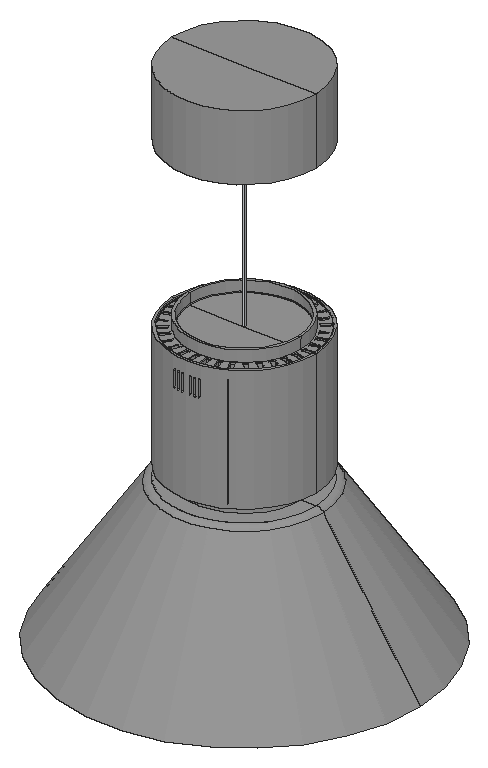
Revit family "LAMP_STORMBELL + OPAL REFLECTOR", category Luminarias, Revit 2015
Parameters (values of type "2218LM 3000 WHITE FLOOD")
  Weight = 4.504 kg
  Type = "COB CITIZEN"
  Suspension height [instance] = 200.00 mm
  Reflector product code = "STBE420OP"
  Protection rating = "IP20"
  Product datasheet = "http://www.lamp.es/product-files/TECH/ST117030FL830NBW-EN.pdf"
  Product code = "ST117030FL830NBW"
  Product URL = "http://www.lamp.es/en/family/stormbell_33344"
  Power Supply = "220-240V 50-60Hz"
  Power = 25 W
  Plum = 26.3 W
  Photometric web file = Reflector glaseado : 2218LM 3000 WHITE FLOOD
  Modelo = Product code  # "ST117030FL830NBW"
  Material floron = LAMP_Aluminio cuerpo Stormbell
  Material COB = LAMP_COB
  Manufacturer name = "LAMP"
  Manufacturer country = "Spain"
  Manufacturer URL = "http://www.lamp.es/en"
  MacAdam = "<3"
  Luminaire type = "Indoor - Suspended Downlight"
  Last update = "11/11/2020"
  Lamp = "COB LED"
  LED Lifetime = "50.000 L80 B10"
  Insulation class = "I"
  Installation instructions = "http://www.lamp.es/product-files/INS/1003910-B-INSTR.%20STORMBELL.pdf"
  Initial intensity = 2218 lm
  Initial color = 3000 K
  IEE = "A+"
  Height = 173.00 mm
  Gear = "Electronic"
  Finish = "Shiny white"
  Fabricante = Manufacturer name  # "LAMP"
  Efficacy = 84.3 lm/W
  Diameter = 173.00 mm
  Descripción = "STORMBELL 3000 WW FL WH."
  CRI = "80"
  Altura suspension [instance] = if(Suspension height < 0.00 mm, 0.00 mm, if(Suspension height > 3000.00 mm, 3000.00 mm, Suspension height))  # 200.00 mm
Types (8, lengths in mm): name | Weight | Product datasheet | Product code | Power Supply | Power | Plum | Modelo | Initial intensity | Initial color | Efficacy | Descripción
  2218LM 3000 WHITE FLOOD | 4.504 kg | "http://www.lamp.es/product-files/TECH/ST117030FL830NBW-EN.pdf" | "ST117030FL830NBW" | "220-240V 50-60Hz" | 25 W | 26.3 W | "ST117030FL830NBW" | 2218 lm | 3000 K | 84.3 lm/W | "STORMBELL 3000 WW FL WH."
  2218LM 3000 WHITE WIDE FLOOD | 4.504 kg | "http://www.lamp.es/product-files/TECH/ST117030WF830NBW-EN.pdf" | "ST117030WF830NBW" | "220-240V 50-60Hz" | 25 W | 26.3 W | "ST117030WF830NBW" | 2218 lm | 3000 K | 84.3 lm/W | "STORMBELL 3000 WW WFL WH."
  2279LM 4000 WHITE FLOOD | 4.504 kg | "http://www.lamp.es/product-files/TECH/ST117030FL840NBW-EN.pdf" | "ST117030FL840NBW" | "220-240V 50-60Hz" | 25 W | 26.3 W | "ST117030FL840NBW" | 2279 lm | 4000 K | 86.7 lm/W | "STORMBELL 3000 NW FL WH."
  2279LM 4000 WHITE WIDE FLOOD | 4.504 kg | "http://www.lamp.es/product-files/TECH/ST117030WF840NBW-EN.pdf" | "ST117030WF840NBW" | "220-240V 50-60Hz" | 25 W | 26.3 W | "ST117030WF840NBW" | 2279 lm | 4000 K | 86.7 lm/W | "STORMBELL 3000 NW WFL WH."
  3351LM 3000 WHITE WIDE FLOOD | 4.592 kg | "http://www.lamp.es/product-files/TECH/ST117050WF830NBW-EN.pdf" | "ST117050WF830NBW" | "100-240V 50-60Hz" | 44 W | 47.4 W | "ST117050WF830NBW" | 3351 lm | 3000 K | 70.7 lm/W | "STORMBELL 5000 WW WFL WH."
  3394LM 3000 WHITE FLOOD | 4.592 kg | "http://www.lamp.es/product-files/TECH/ST117050FL830NBW-EN.pdf" | "ST117050FL830NBW" | "100-240V 50-60Hz" | 44 W | 47.4 W | "ST117050FL830NBW" | 3394 lm | 3000 K | 71.6 lm/W | "STORMBELL 5000 WW FL WH."
  3444LM 4000 WHITE WIDE FLOOD | 4.592 kg | "http://www.lamp.es/product-files/TECH/ST117050WF840NBW-EN.pdf" | "ST117050WF840NBW" | "100-240V 50-60Hz" | 44 W | 47.4 W | "ST117050WF840NBW" | 3444 lm | 4000 K | 72.7 lm/W | "STORMBELL 5000 NW WFL WH."
  3488LM 4000 WHITE FLOOD | 4.592 kg | "http://www.lamp.es/product-files/TECH/ST117050FL840NBW-EN.pdf" | "ST117050FL840NBW" | "100-240V 50-60Hz" | 44 W | 47.4 W | "ST117050FL840NBW" | 3488 lm | 4000 K | 73.6 lm/W | "STORMBELL 5000 NW FL WH."
Reference planes
  plane 1 "Eje de origen de luz (F/P)": y = 0
  plane 2 "Techo": z = 2438.4
  plane 3 "Eje de origen de luz (I/D)": x = 0
  plane 4 "Elevación de origen de luz": z = 1316.8
  plane 5: z = 2359.2
Forms (mm)
  Revolve 1, solid, material "LAMP_Aluminio cuerpo Stormbell" <- "Material floron"
    sketch origin (0, 0, 0) x (1, 0, 0) y (0, 0, 1)
      loop
        line (0, 2438.4) -> (-86.5, 2438.4) -> (-86.5, 2359.2) -> (-83.75, 2359.2) -> (-83.75, 2371.9) -> (0, 2371.9) -> (0, 2438.4)
      axis (0, 2438.4) -> (0, 2359.2)
    angle from 0 to 360
  Extrusion 2, solid
    sketch origin (0, 0, 0) x (1, 0, 0) y (0, 1, 0)
      loop
        circle (0, 0) r 1
    from 2159.2 to 2371.9
  Revolve 3, solid, material "LAMP_COB" <- "Material COB"
    sketch origin (-474.113, 0, 2159.2) x (1, 0, 0) y (0, 0, 1)
      loop
        line (474.113, -61.467) -> (474.113, -62.467) -> (481.113, -62.467) -> (481.113, -61.467) -> (474.113, -61.467)
      axis (474.113, -61.467) -> (474.113, -62.467)
    angle from 0 to 360
  Extrusion 4, solid, material "LAMP_Aluminio cuerpo Stormbell" <- "Material floron"
    sketch origin (-1.875, 0, 0) x (1, 0, 0) y (0, 1, 0)
      loop
        line (18.156, -7.036) -> (18.156, 7.036)
        arc (18.156, 7.036) -> (17.332, 7.861) -> (16.508, 7.036) r 0.824
        line (16.508, 7.036) -> (16.508, -5.422)
        arc (16.508, -5.422) -> (16.293, -5.94) -> (15.775, -6.154) r 0.733
        line (15.775, -6.154) -> (14.051, -6.154)
        arc (14.051, -6.154) -> (13.604, -6.011) -> (13.324, -5.636) r 0.768
        line (13.324, -5.636) -> (9.075, 6.72)
        arc (9.075, 6.72) -> (7.599, 7.773) -> (6.122, 6.72) r 1.561
        line (6.122, 6.72) -> (1.915, -5.514)
        arc (1.915, -5.514) -> (0.865, -6.139) -> (0.075, -5.206) r 0.946
        line (0.075, -5.206) -> (0.075, 6.255)
        arc (0.075, 6.255) -> (-1.121, 7.917) -> (-3.078, 7.312) r 1.753
        line (-3.078, 7.312) -> (-5.708, 4.681) -> (-8.339, 7.312)
        arc (-8.339, 7.312) -> (-10.295, 7.917) -> (-11.491, 6.255) r 1.753
        line (-11.491, 6.255) -> (-11.491, -5.392)
        arc (-11.491, -5.392) -> (-11.714, -5.931) -> (-12.253, -6.154) r 0.762
        line (-12.253, -6.154) -> (-13.949, -6.154)
        arc (-13.949, -6.154) -> (-14.491, -5.93) -> (-14.715, -5.388) r 0.766
        line (-14.715, -5.388) -> (-14.715, 7.007)
        arc (-14.715, 7.007) -> (-14.94, 7.549) -> (-15.481, 7.773) r 0.766
        line (-15.481, 7.773) -> (-22.184, 7.773)
        arc (-22.184, 7.773) -> (-22.732, 7.546) -> (-22.959, 6.997) r 0.776
        line (-22.959, 6.997) -> (-22.959, 1.093)
        arc (-22.959, 1.093) -> (-22.743, 0.57) -> (-22.22, 0.354) r 0.739
        line (-22.22, 0.354) -> (-17.382, 0.354)
        arc (-17.382, 0.354) -> (-16.557, 1.178) -> (-17.382, 2.002) r 0.824
        line (-17.382, 2.002) -> (-20.553, 2.002)
        arc (-20.553, 2.002) -> (-21.089, 2.224) -> (-21.31, 2.76) r 0.758
        line (-21.31, 2.76) -> (-21.31, 5.362)
        arc (-21.31, 5.362) -> (-21.087, 5.901) -> (-20.548, 6.124) r 0.762
        line (-20.548, 6.124) -> (-17.104, 6.124)
        arc (-17.104, 6.124) -> (-16.581, 5.908) -> (-16.364, 5.384) r 0.74
        line (-16.364, 5.384) -> (-16.364, -7.016)
        arc (-16.364, -7.016) -> (-16.14, -7.557) -> (-15.598, -7.782) r 0.766
        line (-15.598, -7.782) -> (-10.521, -7.782)
        arc (-10.521, -7.782) -> (-10.021, -7.574) -> (-9.814, -7.074) r 0.708
        line (-9.814, -7.074) -> (-9.814, 6.019) -> (-5.708, 1.914) -> (-1.603, 6.019) -> (-1.603, -6.949)
        arc (-1.603, -6.949) -> (-1.39, -7.464) -> (-0.874, -7.677) r 0.729
        line (-0.874, -7.677) -> (2.395, -7.677)
        arc (2.395, -7.677) -> (2.818, -7.542) -> (3.083, -7.187) r 0.727
        line (3.083, -7.187) -> (7.599, 5.936) -> (12.139, -7.259)
        arc (12.139, -7.259) -> (12.421, -7.638) -> (12.871, -7.782) r 0.775
        line (12.871, -7.782) -> (17.411, -7.782)
        arc (17.411, -7.782) -> (17.938, -7.563) -> (18.156, -7.036) r 0.745
    from 2370.9 to 2371.9
Lines and regions (mm)
  reference lines
    curve 1: line (-474.113, 0, 2159.2) -> (435.887, 0, 2159.2)
Text (mm)
  text "Any modification of the parameters and properties of the LAMP BIM models must be executed and validated by the LAMP technical department.\n\nPhone: +34 93 736 68 00\n\nE-mail: lamp@lamp.es\n\n\n\nLAMP reserves the right to modify the technical specifications of its products." at (-12684.27, -18653.432, 16760.065), in view "Preview"
Dimensions and locks
  equal spacing: host sketch curve, plane 3 "Eje de origen de luz (I/D)", host sketch curve
  equal spacing: host sketch curve, plane 1 "Eje de origen de luz (F/P)", host sketch curve
  host sketch curve to host sketch curve = 3048.00 mm  (x2)
  locked: plane 2 "Techo" to plane 5 at 79.2
  "Altura suspension": plane 5 to curve 1
  aligned and locked: plane 5 to Revolve 1
  aligned and locked: curve 1 to Extrusion 2
Automatic sketch dimensions
  Revolve 1 sketch curve to plane 2 "Techo" = 0.00 mm
  Revolve 1 sketch curve to plane 5 = 0.00 mm
  Revolve 1 sketch curve to plane 3 "Eje de origen de luz (I/D)" = 0.00 mm  (x2)
  Revolve 1 sketch curve to plane 3 "Eje de origen de luz (I/D)" = 83.75 mm
  Revolve 1 sketch curve to Revolve 1 sketch curve = 2.75 mm
  plane 5 to Revolve 1 sketch curve = 12.70 mm
  Revolve 1 sketch curve to level = 304.80 mm
  plane 2 "Techo" to Revolve 1 sketch curve = 324.435 mm
  plane 1 "Eje de origen de luz (F/P)" to Extrusion 2 sketch curve = 0.00 mm
  Extrusion 2 sketch curve to plane 3 "Eje de origen de luz (I/D)" = 0.00 mm
  curve 1 to Revolve 3 sketch curve = 61.467 mm
  Revolve 3 sketch curve to curve 1 = 435.887 mm  (x2)
  Revolve 3 sketch curve to Revolve 3 sketch curve = 7.00 mm
  Revolve 3 sketch curve to Revolve 3 sketch curve = 1.00 mm
  Revolve 3 sketch curve to curve 1 = 2364.00 mm
  curve 1 to Revolve 3 sketch curve = 703.635 mm
  Extrusion 4 sketch curve to plane 1 "Eje de origen de luz (F/P)" = 1.093 mm
  Extrusion 4 sketch curve to plane 3 "Eje de origen de luz (I/D)" = 24.834 mm
  Extrusion 4 sketch curve to Extrusion 4 sketch curve = 0.739 mm
  Extrusion 4 sketch curve to Extrusion 4 sketch curve = 0.776 mm
  Extrusion 4 sketch curve to Extrusion 4 sketch curve = 0.873 mm
  Extrusion 4 sketch curve to Extrusion 4 sketch curve = 0.758 mm
  Extrusion 4 sketch curve to Extrusion 4 sketch curve = 0.762 mm  (x2)
  Extrusion 4 sketch curve to Extrusion 4 sketch curve = 3.171 mm
  Extrusion 4 sketch curve to Extrusion 4 sketch curve = 0.277 mm
  Extrusion 4 sketch curve to Extrusion 4 sketch curve = 1.018 mm
  Extrusion 4 sketch curve to Extrusion 4 sketch curve = 0.766 mm  (x2)
  Extrusion 4 sketch curve to Extrusion 4 sketch curve = 1.623 mm
  Extrusion 4 sketch curve to Extrusion 4 sketch curve = 0.883 mm
  Extrusion 4 sketch curve to Extrusion 4 sketch curve = 1.696 mm
  Extrusion 4 sketch curve to Extrusion 4 sketch curve = 0.97 mm
  Extrusion 4 sketch curve to Extrusion 4 sketch curve = 0.708 mm
  Extrusion 4 sketch curve to Extrusion 4 sketch curve = 0.076 mm  (x2)
  Extrusion 4 sketch curve to plane 1 "Eje de origen de luz (F/P)" = 7.312 mm  (x2)
  Extrusion 4 sketch curve to Extrusion 4 sketch curve = 1.399 mm  (x2)
  Extrusion 4 sketch curve to plane 1 "Eje de origen de luz (F/P)" = 4.681 mm
  Extrusion 4 sketch curve to Extrusion 4 sketch curve = 2.631 mm
  Extrusion 4 sketch curve to plane 1 "Eje de origen de luz (F/P)" = 1.914 mm
  Extrusion 4 sketch curve to Extrusion 4 sketch curve = 0.00 mm  (x2)
  Extrusion 4 sketch curve to Extrusion 4 sketch curve = 0.729 mm
  Extrusion 4 sketch curve to Extrusion 4 sketch curve = 1.677 mm
  Extrusion 4 sketch curve to Extrusion 4 sketch curve = 0.946 mm
  plane 1 "Eje de origen de luz (F/P)" to Extrusion 4 sketch curve = 5.514 mm
  Extrusion 4 sketch curve to Extrusion 4 sketch curve = 0.895 mm
  Extrusion 4 sketch curve to Extrusion 4 sketch curve = 0.48 mm
  plane 1 "Eje de origen de luz (F/P)" to Extrusion 4 sketch curve = 7.187 mm
  Extrusion 4 sketch curve to Extrusion 4 sketch curve = 0.688 mm
  Extrusion 4 sketch curve to plane 1 "Eje de origen de luz (F/P)" = 6.72 mm  (x2)
  Extrusion 4 sketch curve to Extrusion 4 sketch curve = 6.048 mm
  Extrusion 4 sketch curve to Extrusion 4 sketch curve = 1.476 mm
  Extrusion 4 sketch curve to plane 1 "Eje de origen de luz (F/P)" = 5.936 mm
  plane 1 "Eje de origen de luz (F/P)" to Extrusion 4 sketch curve = 7.259 mm
  Extrusion 4 sketch curve to Extrusion 4 sketch curve = 9.055 mm
  Extrusion 4 sketch curve to Extrusion 4 sketch curve = 0.733 mm
  plane 1 "Eje de origen de luz (F/P)" to Extrusion 4 sketch curve = 5.636 mm
  Extrusion 4 sketch curve to Extrusion 4 sketch curve = 0.453 mm
  Extrusion 4 sketch curve to Extrusion 4 sketch curve = 0.727 mm
  Extrusion 4 sketch curve to Extrusion 4 sketch curve = 1.725 mm
  Extrusion 4 sketch curve to Extrusion 4 sketch curve = 7.433 mm
  Extrusion 4 sketch curve to Extrusion 4 sketch curve = 0.824 mm  (x2)
  Extrusion 4 sketch curve to Extrusion 4 sketch curve = 0.745 mm
  Extrusion 4 sketch curve to Extrusion 4 sketch curve = 2.146 mm
  plane 1 "Eje de origen de luz (F/P)" to Extrusion 4 sketch curve = 7.782 mm
  Extrusion 4 sketch curve to Extrusion 4 sketch curve = 2.472 mm
  Extrusion 4 sketch curve to Extrusion 4 sketch curve = 0.519 mm
  Extrusion 4 sketch curve to Extrusion 4 sketch curve = 0.862 mm
  Extrusion 4 sketch curve to Extrusion 4 sketch curve = 2.602 mm
  Extrusion 4 sketch curve to Extrusion 4 sketch curve = 0.236 mm
  Extrusion 4 sketch curve to Extrusion 4 sketch curve = 0.276 mm
  Extrusion 4 sketch curve to Extrusion 4 sketch curve = 1.635 mm
  Extrusion 4 sketch curve to Extrusion 4 sketch curve = 0.317 mm
  curve 1 to plane 3 "Eje de origen de luz (I/D)" = 474.113 mm
  plane 3 "Eje de origen de luz (I/D)" to curve 1 = 435.887 mm
  radius of Extrusion 2 sketch curve = 1.00 mm
Nested families
  nested 1: "Core Stormbell" at (0, 0, 1995.7), type "Core Stormbell"
  nested 2: "Reflector glaseado" at (0, 0, 302.7), type <- "Photometric web file", type "2218LM 3000 WHITE FLOOD"
Connectors
  electrical at (0, 0, 2438.4)
    settings: on Revolve 1, index 1, voltage 230 V, apparent load 0 VA, apparent load phase1 0 VA, apparent load phase2 0 VA, apparent load phase3 0 VA, power factor 1, load classification "Otro", number of poles 1, system type 31, power factor state 1, is connector primary yes, connector utility no, sub classification motor no, connector description ""
Definition of nested family "Core Stormbell"
  Parameters (values of type "Core Stormbell")
    Material disipador = none
    Material core = none
    Default Elevation = 1219.20 mm
  Reference planes
    plane 1 "Centro (Frontal/Posterior)": y = 0
    plane 2: z = 0
    plane 3 "Centro (Izquierda/Derecha)": x = 0
  Forms (mm)
    Revolve 1, solid, material <- "Material core"
      sketch origin (0, 0, -1221.577) x (1, 0, 0) y (0, 0, 1)
        loop
          line (83.75, 1384.077) -> (83.75, 1383.077) -> (0, 1383.077) -> (0, 1323.61) -> (7, 1323.61) -> (7, 1322.61) -> (22.096, 1322.61)
          arc (22.096, 1322.61) -> (24.519, 1321.984) -> (26.335, 1320.262) r 5
          arc (26.335, 1320.262) -> (44.293, 1286.941) -> (57.8, 1251.58) r 292.631
          line (57.8, 1251.58) -> (59.5, 1251.58) -> (64, 1251.58) -> (64, 1238.077) -> (83.75, 1238.077) -> (83.75, 1237.077) -> (83.75, 1236.077) -> (86.5, 1236.077) -> (86.5, 1385.077) -> (83.75, 1385.077) -> (83.75, 1384.077)
        axis (0, 1385.077) -> (0, 1236.077)
      angle from 0 to 360
    Extrusion 2, void
      sketch origin (0, 0, 0) x (1, 0, 0) y (0, 1, 0)
        loop
          line (-2.75, 81.654) -> (-2.75, 70.747)
          arc (-2.75, 70.747) -> (0, 70.8) -> (2.75, 70.747) r 70.8
          line (2.75, 70.747) -> (2.75, 81.654)
          arc (2.75, 81.654) -> (0, 81.7) -> (-2.75, 81.654) r 81.7
        loop
          arc (-2.75, -81.654) -> (0, -81.7) -> (2.75, -81.654) r 81.7
          line (2.75, -81.654) -> (2.75, -70.747)
          arc (2.75, -70.747) -> (0, -70.8) -> (-2.75, -70.747) r 70.8
          line (-2.75, -70.747) -> (-2.75, -81.654)
        loop
          line (81.654, 2.75) -> (70.747, 2.75)
          arc (70.747, 2.75) -> (70.8, 0) -> (70.747, -2.75) r 70.8
          line (70.747, -2.75) -> (81.654, -2.75)
          arc (81.654, -2.75) -> (81.7, 0) -> (81.654, 2.75) r 81.7
        loop
          arc (-81.654, 2.75) -> (-81.7, 0) -> (-81.654, -2.75) r 81.7
          line (-81.654, -2.75) -> (-70.747, -2.75)
          arc (-70.747, -2.75) -> (-70.8, 0) -> (-70.747, 2.75) r 70.8
          line (-70.747, 2.75) -> (-81.654, 2.75)
        loop
          line (11.471, 80.891) -> (9.577, 70.149)
          arc (9.577, 70.149) -> (12.294, 69.724) -> (14.993, 69.194) r 70.8
          line (14.993, 69.194) -> (16.887, 79.936)
          arc (16.887, 79.936) -> (14.187, 80.459) -> (11.471, 80.891) r 81.7
        loop
          line (25.343, 77.67) -> (21.613, 67.421)
          arc (21.613, 67.421) -> (24.215, 66.53) -> (26.781, 65.539) r 70.8
          line (26.781, 65.539) -> (30.511, 75.789)
          arc (30.511, 75.789) -> (27.943, 76.773) -> (25.343, 77.67) r 81.7
        loop
          line (38.445, 72.089) -> (32.992, 62.643)
          arc (32.992, 62.643) -> (35.4, 61.315) -> (37.755, 59.893) r 70.8
          line (37.755, 59.893) -> (43.208, 69.339)
          arc (43.208, 69.339) -> (40.85, 70.754) -> (38.445, 72.089) r 81.7
        loop
          line (50.379, 64.318) -> (43.368, 55.963)
          arc (43.368, 55.963) -> (45.509, 54.236) -> (47.582, 52.427) r 70.8
          line (47.582, 52.427) -> (54.593, 60.783)
          arc (54.593, 60.783) -> (52.516, 62.586) -> (50.379, 64.318) r 81.7
        loop
          line (60.783, 54.593) -> (52.427, 47.582)
          arc (52.427, 47.582) -> (54.236, 45.509) -> (55.963, 43.368) r 70.8
          line (55.963, 43.368) -> (64.318, 50.379)
          arc (64.318, 50.379) -> (62.586, 52.516) -> (60.783, 54.593) r 81.7
        loop
          line (69.339, 43.208) -> (59.893, 37.755)
          arc (59.893, 37.755) -> (61.315, 35.4) -> (62.643, 32.992) r 70.8
          line (62.643, 32.992) -> (72.089, 38.445)
          arc (72.089, 38.445) -> (70.754, 40.85) -> (69.339, 43.208) r 81.7
        loop
          line (75.789, 30.511) -> (65.539, 26.781)
          arc (65.539, 26.781) -> (66.53, 24.215) -> (67.421, 21.613) r 70.8
          line (67.421, 21.613) -> (77.67, 25.343)
          arc (77.67, 25.343) -> (76.773, 27.943) -> (75.789, 30.511) r 81.7
        loop
          line (79.936, 16.887) -> (69.194, 14.993)
          arc (69.194, 14.993) -> (69.724, 12.294) -> (70.149, 9.577) r 70.8
          line (70.149, 9.577) -> (80.891, 11.471)
          arc (80.891, 11.471) -> (80.459, 14.187) -> (79.936, 16.887) r 81.7
        loop
          arc (-11.471, 80.891) -> (-14.187, 80.459) -> (-16.887, 79.936) r 81.7
          line (-16.887, 79.936) -> (-14.993, 69.194)
          arc (-14.993, 69.194) -> (-12.294, 69.724) -> (-9.577, 70.149) r 70.8
          line (-9.577, 70.149) -> (-11.471, 80.891)
        loop
          arc (-25.343, 77.67) -> (-27.943, 76.773) -> (-30.511, 75.789) r 81.7
          line (-30.511, 75.789) -> (-26.781, 65.539)
          arc (-26.781, 65.539) -> (-24.215, 66.53) -> (-21.613, 67.421) r 70.8
          line (-21.613, 67.421) -> (-25.343, 77.67)
        loop
          arc (-38.445, 72.089) -> (-40.85, 70.754) -> (-43.208, 69.339) r 81.7
          line (-43.208, 69.339) -> (-37.755, 59.893)
          arc (-37.755, 59.893) -> (-35.4, 61.315) -> (-32.992, 62.643) r 70.8
          line (-32.992, 62.643) -> (-38.445, 72.089)
        loop
          arc (-50.379, 64.318) -> (-52.516, 62.586) -> (-54.593, 60.783) r 81.7
          line (-54.593, 60.783) -> (-47.582, 52.427)
          arc (-47.582, 52.427) -> (-45.509, 54.236) -> (-43.368, 55.963) r 70.8
          line (-43.368, 55.963) -> (-50.379, 64.318)
        loop
          arc (-60.783, 54.593) -> (-62.586, 52.516) -> (-64.318, 50.379) r 81.7
          line (-64.318, 50.379) -> (-55.963, 43.368)
          arc (-55.963, 43.368) -> (-54.236, 45.509) -> (-52.427, 47.582) r 70.8
          line (-52.427, 47.582) -> (-60.783, 54.593)
        loop
          arc (-69.339, 43.208) -> (-70.754, 40.85) -> (-72.089, 38.445) r 81.7
          line (-72.089, 38.445) -> (-62.643, 32.992)
          arc (-62.643, 32.992) -> (-61.315, 35.4) -> (-59.893, 37.755) r 70.8
          line (-59.893, 37.755) -> (-69.339, 43.208)
        loop
          arc (-75.789, 30.511) -> (-76.773, 27.943) -> (-77.67, 25.343) r 81.7
          line (-77.67, 25.343) -> (-67.421, 21.613)
          arc (-67.421, 21.613) -> (-66.53, 24.215) -> (-65.539, 26.781) r 70.8
          line (-65.539, 26.781) -> (-75.789, 30.511)
        loop
          arc (-79.936, 16.887) -> (-80.459, 14.187) -> (-80.891, 11.471) r 81.7
          line (-80.891, 11.471) -> (-70.149, 9.577)
          arc (-70.149, 9.577) -> (-69.724, 12.294) -> (-69.194, 14.993) r 70.8
          line (-69.194, 14.993) -> (-79.936, 16.887)
        loop
          arc (11.471, -80.891) -> (14.187, -80.459) -> (16.887, -79.936) r 81.7
          line (16.887, -79.936) -> (14.993, -69.194)
          arc (14.993, -69.194) -> (12.294, -69.724) -> (9.577, -70.149) r 70.8
          line (9.577, -70.149) -> (11.471, -80.891)
        loop
          arc (25.343, -77.67) -> (27.943, -76.773) -> (30.511, -75.789) r 81.7
          line (30.511, -75.789) -> (26.781, -65.539)
          arc (26.781, -65.539) -> (24.215, -66.53) -> (21.613, -67.421) r 70.8
          line (21.613, -67.421) -> (25.343, -77.67)
        loop
          arc (38.445, -72.089) -> (40.85, -70.754) -> (43.208, -69.339) r 81.7
          line (43.208, -69.339) -> (37.755, -59.893)
          arc (37.755, -59.893) -> (35.4, -61.315) -> (32.992, -62.643) r 70.8
          line (32.992, -62.643) -> (38.445, -72.089)
        loop
          arc (50.379, -64.318) -> (52.516, -62.586) -> (54.593, -60.783) r 81.7
          line (54.593, -60.783) -> (47.582, -52.427)
          arc (47.582, -52.427) -> (45.509, -54.236) -> (43.368, -55.963) r 70.8
          line (43.368, -55.963) -> (50.379, -64.318)
        loop
          arc (60.783, -54.593) -> (62.586, -52.516) -> (64.318, -50.379) r 81.7
          line (64.318, -50.379) -> (55.963, -43.368)
          arc (55.963, -43.368) -> (54.236, -45.509) -> (52.427, -47.582) r 70.8
          line (52.427, -47.582) -> (60.783, -54.593)
        loop
          arc (69.339, -43.208) -> (70.754, -40.85) -> (72.089, -38.445) r 81.7
          line (72.089, -38.445) -> (62.643, -32.992)
          arc (62.643, -32.992) -> (61.315, -35.4) -> (59.893, -37.755) r 70.8
          line (59.893, -37.755) -> (69.339, -43.208)
        loop
          arc (75.789, -30.511) -> (76.773, -27.943) -> (77.67, -25.343) r 81.7
          line (77.67, -25.343) -> (67.421, -21.613)
          arc (67.421, -21.613) -> (66.53, -24.215) -> (65.539, -26.781) r 70.8
          line (65.539, -26.781) -> (75.789, -30.511)
        loop
          arc (79.936, -16.887) -> (80.459, -14.187) -> (80.891, -11.471) r 81.7
          line (80.891, -11.471) -> (70.149, -9.577)
          arc (70.149, -9.577) -> (69.724, -12.294) -> (69.194, -14.993) r 70.8
          line (69.194, -14.993) -> (79.936, -16.887)
        loop
          line (-11.471, -80.891) -> (-9.577, -70.149)
          arc (-9.577, -70.149) -> (-12.294, -69.724) -> (-14.993, -69.194) r 70.8
          line (-14.993, -69.194) -> (-16.887, -79.936)
          arc (-16.887, -79.936) -> (-14.187, -80.459) -> (-11.471, -80.891) r 81.7
        loop
          line (-25.343, -77.67) -> (-21.613, -67.421)
          arc (-21.613, -67.421) -> (-24.215, -66.53) -> (-26.781, -65.539) r 70.8
          line (-26.781, -65.539) -> (-30.511, -75.789)
          arc (-30.511, -75.789) -> (-27.943, -76.773) -> (-25.343, -77.67) r 81.7
        loop
          line (-38.445, -72.089) -> (-32.992, -62.643)
          arc (-32.992, -62.643) -> (-35.4, -61.315) -> (-37.755, -59.893) r 70.8
          line (-37.755, -59.893) -> (-43.208, -69.339)
          arc (-43.208, -69.339) -> (-40.85, -70.754) -> (-38.445, -72.089) r 81.7
        loop
          line (-50.379, -64.318) -> (-43.368, -55.963)
          arc (-43.368, -55.963) -> (-45.509, -54.236) -> (-47.582, -52.427) r 70.8
          line (-47.582, -52.427) -> (-54.593, -60.783)
          arc (-54.593, -60.783) -> (-52.516, -62.586) -> (-50.379, -64.318) r 81.7
        loop
          line (-60.783, -54.593) -> (-52.427, -47.582)
          arc (-52.427, -47.582) -> (-54.236, -45.509) -> (-55.963, -43.368) r 70.8
          line (-55.963, -43.368) -> (-64.318, -50.379)
          arc (-64.318, -50.379) -> (-62.586, -52.516) -> (-60.783, -54.593) r 81.7
        loop
          line (-69.339, -43.208) -> (-59.893, -37.755)
          arc (-59.893, -37.755) -> (-61.315, -35.4) -> (-62.643, -32.992) r 70.8
          line (-62.643, -32.992) -> (-72.089, -38.445)
          arc (-72.089, -38.445) -> (-70.754, -40.85) -> (-69.339, -43.208) r 81.7
        loop
          line (-75.789, -30.511) -> (-65.539, -26.781)
          arc (-65.539, -26.781) -> (-66.53, -24.215) -> (-67.421, -21.613) r 70.8
          line (-67.421, -21.613) -> (-77.67, -25.343)
          arc (-77.67, -25.343) -> (-76.773, -27.943) -> (-75.789, -30.511) r 81.7
        loop
          line (-79.936, -16.887) -> (-69.194, -14.993)
          arc (-69.194, -14.993) -> (-69.724, -12.294) -> (-70.149, -9.577) r 70.8
          line (-70.149, -9.577) -> (-80.891, -11.471)
          arc (-80.891, -11.471) -> (-80.459, -14.187) -> (-79.936, -16.887) r 81.7
      from 14.5 to 163.5
    Extrusion 3, void
      sketch origin (0, 0, 0) x (1, 0, 0) y (0, 0, 1)
        loop
          arc (-3.5, 147.5) -> (-4.75, 148.75) -> (-6, 147.5) r 1.25
          line (-6, 147.5) -> (-6, 129.5)
          arc (-6, 129.5) -> (-4.75, 128.25) -> (-3.5, 129.5) r 1.25
          line (-3.5, 129.5) -> (-3.5, 147.5)
        loop
          arc (-8.5, 147.5) -> (-9.75, 148.75) -> (-11, 147.5) r 1.25
          line (-11, 147.5) -> (-11, 129.5)
          arc (-11, 129.5) -> (-9.75, 128.25) -> (-8.5, 129.5) r 1.25
          line (-8.5, 129.5) -> (-8.5, 147.5)
        loop
          arc (-13.5, 147.5) -> (-14.75, 148.75) -> (-16, 147.5) r 1.25
          line (-16, 147.5) -> (-16, 129.5)
          arc (-16, 129.5) -> (-14.75, 128.25) -> (-13.5, 129.5) r 1.25
          line (-13.5, 129.5) -> (-13.5, 147.5)
        loop
          arc (16, 147.5) -> (14.75, 148.75) -> (13.5, 147.5) r 1.25
          line (13.5, 147.5) -> (13.5, 129.5)
          arc (13.5, 129.5) -> (14.75, 128.25) -> (16, 129.5) r 1.25
          line (16, 129.5) -> (16, 147.5)
        loop
          arc (11, 147.5) -> (9.75, 148.75) -> (8.5, 147.5) r 1.25
          line (8.5, 147.5) -> (8.5, 129.5)
          arc (8.5, 129.5) -> (9.75, 128.25) -> (11, 129.5) r 1.25
          line (11, 129.5) -> (11, 147.5)
        loop
          arc (6, 147.5) -> (4.75, 148.75) -> (3.5, 147.5) r 1.25
          line (3.5, 147.5) -> (3.5, 129.5)
          arc (3.5, 129.5) -> (4.75, 128.25) -> (6, 129.5) r 1.25
          line (6, 129.5) -> (6, 147.5)
      from -87.047 to 87.159
    Revolve 4, solid, material <- "Material disipador"
      sketch origin (0, 0, 0) x (1, 0, 0) y (0, 0, 1)
        loop
          line (65.3, 175.5) -> (65.3, 163.5) -> (65.3, 162.5) -> (0, 162.5) -> (0, 161.5) -> (82.8, 161.5) -> (82.8, 16.5) -> (64, 16.5) -> (64, 13.203) -> (53.7, 13.203) -> (53.7, 10.703) -> (64, 10.703) -> (64, 6.703) -> (65.3, 0) -> (68.2, 0) -> (68.2, 15.5) -> (83.75, 15.5) -> (83.75, 162.5) -> (68.2, 162.5) -> (68.2, 175.5) -> (65.3, 175.5)
        axis (0, 175.5) -> (0, 0)
      angle from 0 to 360
  Cuts and joins
    Extrusion 2, Extrusion 3 cuts Revolve 1
    Extrusion 2 cuts Revolve 4
  Dimensions and locks
    aligned and locked: level to plane 2
Definition of nested family "Reflector glaseado"
  Parameters (values of type "2218LM 3000 WHITE FLOOD")
    Tilt Angle = 90.00°
    Wattage = 26.3 W
    Separación luz = 20.00 mm
    built-in parameter 1150110 = 1 (stored number, unit not read)
    Material reflector = none
    built-in parameter 1114217 = 1 (stored number, unit not read)
    built-in parameter 1150109 = 1 (stored number, unit not read)
    Default Elevation = 1219.20 mm
    built-in parameter 1150134 = (empty or 0)
    built-in parameter 1150113 = 1 (stored number, unit not read)
    Lumens = 2217.88 lm
    built-in parameter 1150115 = 1 (stored number, unit not read)
    built-in parameter 1150105 = 4234.4 (stored number, unit not read)
    built-in parameter 1150137 = (empty or 0)
    built-in parameter 1150139 = (empty or 0)
    built-in parameter 1150112 = 1 (stored number, unit not read)
    built-in parameter 1150114 = 1 (stored number, unit not read)
    built-in parameter 1150132 = 2
    built-in parameter 1150102 = (empty or 0)
    built-in parameter 1150138 = (empty or 0)
    built-in parameter 1150107 = 3000 (stored number, unit not read)
    built-in parameter 1150106 = 42.344 (stored number, unit not read)
    built-in parameter 1150104 = 7.8345 (stored number, unit not read)
    Dimming Lamp Color Temperature Shift = (empty or 0)
    Color Filter = 16777215
    built-in parameter 1114218 = 1 (stored number, unit not read)
    Photometric Web File = "10441001+10400120_100.IES"
    built-in parameter 1150133 = 10 (stored number, unit not read)
  Types (9, lengths in mm): name | Wattage | built-in parameter 1150134 | Lumens | built-in parameter 1150105 | built-in parameter 1150107 | built-in parameter 1150106 | built-in parameter 1150104 | Photometric Web File
    (no name) | 26.3 W | (empty or 0) | 2217.88 lm | 4234.4 (stored number, unit not read) | 3000 (stored number, unit not read) | 42.344 (stored number, unit not read) | 7.8345 (stored number, unit not read) | "10441001+10400120_100.IES"
    2218LM 3000 WHITE FLOOD | 26.3 W | (empty or 0) | 2217.88 lm | 4234.4 (stored number, unit not read) | 3000 (stored number, unit not read) | 42.344 (stored number, unit not read) | 7.8345 (stored number, unit not read) | "10441001+10400120_100.IES"
    2218LM 3000 WHITE WIDE FLOOD | 26.3 W | (empty or 0) | 2217.88 lm | 2377.8 (stored number, unit not read) | 3000 (stored number, unit not read) | 23.778 (stored number, unit not read) | 7.8345 (stored number, unit not read) | "10441011+10400120_100.IES"
    2279LM 4000 WHITE FLOOD | 26.3 W | 12 | 2278.9 lm | 2443.2 (stored number, unit not read) | 4000 (stored number, unit not read) | 24.432 (stored number, unit not read) | 8.05 (stored number, unit not read) | "10440001+10400120_100.IES"
    2279LM 4000 WHITE WIDE FLOOD | 26.3 W | 12 | 2278.9 lm | 2443.2 (stored number, unit not read) | 4000 (stored number, unit not read) | 24.432 (stored number, unit not read) | 8.05 (stored number, unit not read) | "10440011+10400120_100.IES"
    3351LM 3000 WHITE WIDE FLOOD | 47.4 W | (empty or 0) | 3351.18 lm | 3635.1 (stored number, unit not read) | 3000 (stored number, unit not read) | 36.351 (stored number, unit not read) | 6.5682 (stored number, unit not read) | "10441031+10400120_100.IES"
    3394LM 3000 WHITE FLOOD | 47.4 W | (empty or 0) | 3393.84 lm | 3681.4 (stored number, unit not read) | 3000 (stored number, unit not read) | 36.814 (stored number, unit not read) | 6.6519 (stored number, unit not read) | "10441021+10400120_100.IES"
    3444LM 4000 WHITE WIDE FLOOD | 47.4 W | 12 | 3444.08 lm | 6642.9 (stored number, unit not read) | 4000 (stored number, unit not read) | 66.429 (stored number, unit not read) | 6.7503 (stored number, unit not read) | "10440031+10400120_100.IES"
    3488LM 4000 WHITE FLOOD | 47.4 W | 12 | 3488.17 lm | 3783.7 (stored number, unit not read) | 4000 (stored number, unit not read) | 37.837 (stored number, unit not read) | 6.8367 (stored number, unit not read) | "10440021+10400120_100.IES"
  Reference planes
    plane 1 "Eje de origen de luz (F/P)": y = 0
    plane 2: z = 0
    plane 3 "Eje de origen de luz (I/D)": x = 0
    plane 4 "Elevación de origen de luz": z = 1500
    plane 5: z = 1520
  Forms (mm)
    Revolve 1, solid, material <- "Material reflector"
      sketch origin (0, 0, 0) x (1, 0, 0) y (0, 0, 1)
        loop
          line (210, 1520) -> (95.087, 1688.631)
          arc (95.087, 1688.631) -> (91.497, 1691.841) -> (86.823, 1693) r 10
          line (86.823, 1693) -> (62, 1693) -> (53, 1693) -> (53, 1711.2) -> (50.4, 1711.2) -> (50.4, 1692) -> (86.305, 1692)
          arc (86.305, 1692) -> (90.979, 1690.841) -> (94.568, 1687.631) r 10
          line (94.568, 1687.631) -> (208.8, 1520) -> (210, 1520)
        axis (0, 1711.2) -> (0, 1520)
      angle from 0 to 360
  Dimensions and locks
    "Separación luz": plane 5 to plane 4 "Elevación de origen de luz"
    aligned and locked: plane 3 "Eje de origen de luz (I/D)" to imposter light
    aligned and locked: plane 1 "Eje de origen de luz (F/P)" to imposter light
    aligned and locked: plane 4 "Elevación de origen de luz" to imposter light
    aligned and locked: level to plane 2
  Automatic sketch dimensions
    Revolve 1 sketch curve to plane 3 "Eje de origen de luz (I/D)" = 0.00 mm
    Revolve 1 sketch curve to plane 5 = 0.00 mm
    plane 3 "Eje de origen de luz (I/D)" to Revolve 1 sketch curve = 50.40 mm
    Revolve 1 sketch curve to Revolve 1 sketch curve = 2.60 mm
    Revolve 1 sketch curve to Revolve 1 sketch curve = 9.00 mm
    Revolve 1 sketch curve to Revolve 1 sketch curve = 24.305 mm
    Revolve 1 sketch curve to Revolve 1 sketch curve = 0.519 mm  (x2)
    Revolve 1 sketch curve to Revolve 1 sketch curve = 7.745 mm
    Revolve 1 sketch curve to Revolve 1 sketch curve = 114.232 mm
    Revolve 1 sketch curve to Revolve 1 sketch curve = 1.20 mm
    plane 5 to Revolve 1 sketch curve = 162.00 mm
    Revolve 1 sketch curve to Revolve 1 sketch curve = 1.00 mm  (x2)
    Revolve 1 sketch curve to Revolve 1 sketch curve = 4.631 mm
    Revolve 1 sketch curve to Revolve 1 sketch curve = 18.20 mm
    Revolve 1 sketch curve to level = 271.696 mm
    Revolve 1 sketch curve to Revolve 1 sketch curve = 8.574 mm
